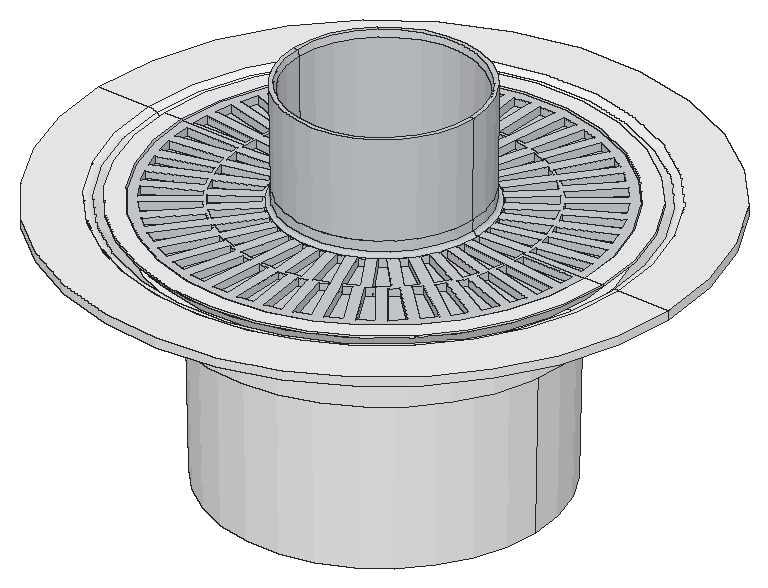
Revit family "3000.121 & 122 DPJ 80x150", category Plumbing Fixtures, Revit 2019
Family settings
  Round Connector Dimension = Use Diameter
  Part Type = Normal
  OmniClass Number = 23.45.00.00
  Work Plane-Based = No
  Always vertical = Yes
  Cut with Voids When Loaded = No
  Shared = No
  Room Calculation Point = No
Parameters (values of type "DPJ 80x150v")
  Waste Connection = yes
  Vent Connection = no
  V = not(NV)  # yes
  URL = "www.aquaknight.co.nz"
  Phone = "+6498322214"  # constant formula
  NV = no
  Model = "3000.121"
  Manufacturer = "Aquanight Industries Ltd"  # constant formula
  Inlet = 25.5 mm
  HW Connection = no
  Email = "info@aquaknight.co.nz"  # constant formula
  Description = "DownPipe Junction 80x150 vented"
  CW Connection = no
Types (2, lengths in mm): name | V | NV | Model | Inlet | Description
  DPJ 80x150v | yes | no | "3000.121" | 25.5 | "DownPipe Junction 80x150 vented"
  DPJ 80x150nv | no | yes | "3000.122" | 32 | "DownPipe Junction 80x150 non-vented"
Reference planes
  plane 1 "Center (Front/Back)": y = 0
  plane 2: z = 0
  plane 3 "Center (Left/Right)": x = 0
  plane 4: z = -82.169
  plane 5: z = 25.5
Forms (mm)
  Revolve 1, solid, material "Plastic, Glossy White"
    sketch origin (0, 0, -4) x (1, 0, 0) y (0, 0, 1)
      loop
        line (100.065, -12.627) -> (84.899, -12.627) -> (84.899, -34.638) -> (78.498, -34.638)
        arc (78.498, -34.638) -> (74.999, -36.066) -> (73.499, -39.535) r 5
        line (73.499, -39.535) -> (71.887, -117.73) -> (75.352, -117.73) -> (76.937, -41.191)
        arc (76.937, -41.191) -> (77.704, -39.405) -> (79.503, -38.669) r 2.566
        line (79.503, -38.669) -> (88.828, -38.669) -> (88.828, -19.345) -> (100.327, -19.345)
        arc (100.327, -19.345) -> (102.992, -18.242) -> (104.095, -15.577) r 3.768
        line (104.095, -15.577) -> (104.095, -11.777) -> (115.842, -0.031) -> (141.078, -0.031) -> (141.078, 4) -> (116.336, 4)
        arc (116.336, 4) -> (114.328, 3.584) -> (112.65, 2.404) r 5.052
        line (112.65, 2.404) -> (100.065, -10.108) -> (100.065, -12.627)
      loop
        line (84.5, -5) -> (100.5, -5) -> (108.637, 3.137) -> (108.637, 4) -> (100.25, 4) -> (100.25, -0.5) -> (84.5, -0.5) -> (84.5, -5)
      axis (0, 4) -> (0, -117.73)
    angle from 0 to 360
  Extrusion 2, solid, material "Plastic, Glossy White", detail levels fine
    sketch origin (0, 0, -4) x (1, 0, 0) y (0, 1, 0)
      loop
        circle (67.55, 0) r 8.2
      loop
        circle (33.775, 58.5) r 8.2
      loop
        circle (33.775, -58.5) r 8.2
      loop
        circle (-67.55, 0) r 8.2
      loop
        circle (-33.775, 58.5) r 8.2
      loop
        circle (-33.775, -58.5) r 8.2
    from -38.379 to -12.5
  Extrusion 3, void
    sketch origin (0, -279.02, 0) x (1, 0, 0) y (0, 1, 0)
      loop
        line (-35.682, 248.817) -> (-37.803, 251.544) -> (-56.114, 239.595)
        arc (-56.114, 239.595) -> (-53.947, 236.678) -> (-51.628, 233.88) r 68.579
        line (-51.628, 233.88) -> (-35.682, 248.817)
      loop
        line (-29.895, 243.08) -> (-32.457, 245.397) -> (-48.415, 230.45)
        arc (-48.415, 230.45) -> (-45.775, 227.953) -> (-43.005, 225.601) r 68.579
        line (-43.005, 225.601) -> (-29.895, 243.08)
      loop
        line (-23.2, 238.435) -> (-26.126, 240.272) -> (-39.246, 222.78)
        arc (-39.246, 222.78) -> (-36.212, 220.781) -> (-33.076, 218.944) r 68.579
        line (-33.076, 218.944) -> (-23.2, 238.435)
      loop
        line (-15.8, 235.022) -> (-19, 236.324) -> (-28.883, 216.82)
        arc (-28.883, 216.82) -> (-25.548, 215.377) -> (-22.141, 214.113) r 68.579
        line (-22.141, 214.113) -> (-15.8, 235.022)
      loop
        line (23.548, 238.636) -> (20.494, 237.02) -> (29.082, 216.913)
        arc (29.082, 216.913) -> (32.331, 218.54) -> (35.489, 220.338) r 68.579
        line (35.489, 220.338) -> (23.548, 238.636)
      loop
        line (30.203, 243.338) -> (27.476, 241.217) -> (39.425, 222.906)
        arc (39.425, 222.906) -> (42.342, 225.073) -> (45.14, 227.392) r 68.579
        line (45.14, 227.392) -> (30.203, 243.338)
      loop
        line (35.94, 249.125) -> (33.623, 246.563) -> (48.57, 230.605)
        arc (48.57, 230.605) -> (51.067, 233.245) -> (53.42, 236.015) r 68.579
        line (53.42, 236.015) -> (35.94, 249.125)
      loop
        line (40.586, 255.82) -> (38.748, 252.894) -> (56.24, 239.774)
        arc (56.24, 239.774) -> (58.239, 242.808) -> (60.076, 245.944) r 68.579
        line (60.076, 245.944) -> (40.586, 255.82)
      loop
        line (-7.92, 232.947) -> (-11.298, 233.673) -> (-17.644, 212.749)
        arc (-17.644, 212.749) -> (-14.109, 211.908) -> (-10.534, 211.255) r 68.579
        line (-10.534, 211.255) -> (-7.92, 232.947)
      loop
        line (0.201, 232.272) -> (-3.252, 232.4) -> (-5.868, 210.692)
        arc (-5.868, 210.692) -> (-2.24, 210.477) -> (1.393, 210.455) r 68.579
        line (1.393, 210.455) -> (0.201, 232.272)
      loop
        line (8.316, 233.017) -> (4.893, 232.544) -> (6.086, 210.711)
        arc (6.086, 210.711) -> (9.696, 211.13) -> (13.278, 211.739) r 68.579
        line (13.278, 211.739) -> (8.316, 233.017)
      loop
        line (16.178, 235.16) -> (12.889, 234.1) -> (17.855, 212.806)
        arc (17.855, 212.806) -> (21.338, 213.845) -> (24.76, 215.067) r 68.579
        line (24.76, 215.067) -> (16.178, 235.16)
      loop
        line (-8.316, 325.023) -> (-4.893, 325.496) -> (-6.086, 347.329)
        arc (-6.086, 347.329) -> (-9.696, 346.91) -> (-13.278, 346.302) r 68.579
        line (-13.278, 346.302) -> (-8.316, 325.023)
      loop
        line (-16.178, 322.88) -> (-12.889, 323.94) -> (-17.855, 345.234)
        arc (-17.855, 345.234) -> (-21.338, 344.195) -> (-24.76, 342.974) r 68.579
        line (-24.76, 342.974) -> (-16.178, 322.88)
      loop
        line (-23.548, 319.404) -> (-20.494, 321.02) -> (-29.082, 341.128)
        arc (-29.082, 341.128) -> (-32.331, 339.5) -> (-35.489, 337.702) r 68.579
        line (-35.489, 337.702) -> (-23.548, 319.404)
      loop
        line (-30.203, 314.702) -> (-27.476, 316.823) -> (-39.425, 335.134)
        arc (-39.425, 335.134) -> (-42.342, 332.967) -> (-45.14, 330.648) r 68.579
        line (-45.14, 330.648) -> (-30.203, 314.702)
      loop
        line (-46.748, 278.819) -> (-46.62, 282.272) -> (-68.328, 284.888)
        arc (-68.328, 284.888) -> (-68.543, 281.26) -> (-68.565, 277.627) r 68.579
        line (-68.565, 277.627) -> (-46.748, 278.819)
      loop
        line (-46.003, 270.704) -> (-46.476, 274.127) -> (-68.309, 272.934)
        arc (-68.309, 272.934) -> (-67.89, 269.324) -> (-67.281, 265.742) r 68.579
        line (-67.281, 265.742) -> (-46.003, 270.704)
      loop
        line (-43.86, 262.842) -> (-44.92, 266.131) -> (-66.214, 261.165)
        arc (-66.214, 261.165) -> (-65.175, 257.682) -> (-63.954, 254.26) r 68.579
        line (-63.954, 254.26) -> (-43.86, 262.842)
      loop
        line (-40.384, 255.472) -> (-42, 258.526) -> (-62.107, 249.938)
        arc (-62.107, 249.938) -> (-60.48, 246.689) -> (-58.682, 243.531) r 68.579
        line (-58.682, 243.531) -> (-40.384, 255.472)
      loop
        line (-35.94, 308.915) -> (-33.623, 311.478) -> (-48.57, 327.435)
        arc (-48.57, 327.435) -> (-51.067, 324.795) -> (-53.42, 322.025) r 68.579
        line (-53.42, 322.025) -> (-35.94, 308.915)
      loop
        line (-40.586, 302.22) -> (-38.748, 305.146) -> (-56.24, 318.266)
        arc (-56.24, 318.266) -> (-58.239, 315.232) -> (-60.076, 312.096) r 68.579
        line (-60.076, 312.096) -> (-40.586, 302.22)
      loop
        line (-43.998, 294.82) -> (-42.696, 298.02) -> (-62.2, 307.903)
        arc (-62.2, 307.903) -> (-63.643, 304.568) -> (-64.907, 301.161) r 68.579
        line (-64.907, 301.161) -> (-43.998, 294.82)
      loop
        line (-46.073, 286.94) -> (-45.347, 290.318) -> (-66.271, 296.664)
        arc (-66.271, 296.664) -> (-67.112, 293.129) -> (-67.765, 289.554) r 68.579
        line (-67.765, 289.554) -> (-46.073, 286.94)
      loop
        line (46.073, 271.1) -> (45.347, 267.722) -> (66.271, 261.376)
        arc (66.271, 261.376) -> (67.112, 264.911) -> (67.765, 268.486) r 68.579
        line (67.765, 268.486) -> (46.073, 271.1)
      loop
        line (46.748, 279.221) -> (46.62, 275.768) -> (68.328, 273.152)
        arc (68.328, 273.152) -> (68.543, 276.78) -> (68.565, 280.413) r 68.579
        line (68.565, 280.413) -> (46.748, 279.221)
      loop
        line (46.003, 287.336) -> (46.476, 283.913) -> (68.309, 285.106)
        arc (68.309, 285.106) -> (67.89, 288.716) -> (67.281, 292.298) r 68.579
        line (67.281, 292.298) -> (46.003, 287.336)
      loop
        line (43.86, 295.198) -> (44.92, 291.909) -> (66.214, 296.876)
        arc (66.214, 296.876) -> (65.175, 300.358) -> (63.954, 303.78) r 68.579
        line (63.954, 303.78) -> (43.86, 295.198)
      loop
        line (15.8, 323.018) -> (19, 321.716) -> (28.883, 341.22)
        arc (28.883, 341.22) -> (25.548, 342.663) -> (22.141, 343.927) r 68.579
        line (22.141, 343.927) -> (15.8, 323.018)
      loop
        line (7.92, 325.093) -> (11.298, 324.367) -> (17.644, 345.291)
        arc (17.644, 345.291) -> (14.109, 346.132) -> (10.534, 346.785) r 68.579
        line (10.534, 346.785) -> (7.92, 325.093)
      loop
        line (-0.201, 325.768) -> (3.252, 325.64) -> (5.868, 347.348)
        arc (5.868, 347.348) -> (2.24, 347.563) -> (-1.393, 347.585) r 68.579
        line (-1.393, 347.585) -> (-0.201, 325.768)
      loop
        line (40.384, 302.568) -> (42, 299.514) -> (62.107, 308.102)
        arc (62.107, 308.102) -> (60.48, 311.351) -> (58.682, 314.509) r 68.579
        line (58.682, 314.509) -> (40.384, 302.568)
      loop
        line (35.682, 309.223) -> (37.803, 306.496) -> (56.114, 318.445)
        arc (56.114, 318.445) -> (53.947, 321.362) -> (51.628, 324.16) r 68.579
        line (51.628, 324.16) -> (35.682, 309.223)
      loop
        line (29.895, 314.96) -> (32.457, 312.643) -> (48.415, 327.59)
        arc (48.415, 327.59) -> (45.775, 330.087) -> (43.005, 332.44) r 68.579
        line (43.005, 332.44) -> (29.895, 314.96)
      loop
        line (23.2, 319.606) -> (26.126, 317.768) -> (39.246, 335.26)
        arc (39.246, 335.26) -> (36.212, 337.259) -> (33.076, 339.096) r 68.579
        line (33.076, 339.096) -> (23.2, 319.606)
      loop
        arc (62.2, 250.137) -> (63.643, 253.472) -> (64.907, 256.879) r 68.579
        line (64.907, 256.879) -> (43.998, 263.22) -> (42.696, 260.02) -> (62.2, 250.137)
    from -4 to 0
  Revolve 4, solid, visible <- "V"
    sketch origin (0, 0, 0) x (1, 0, 0) y (0, 0, 1)
      loop
        line (41.988, 48.223) -> (41.365, 0.577)
        arc (41.365, 0.577) -> (41.231, -0.061) -> (40.868, -0.601) r 1.698
        line (40.868, -0.601) -> (37.833, -3.636) -> (37.534, -7.06) -> (37.62, -8.048) -> (39.046, -8.048) -> (41.899, -4.5) -> (99.5, -4.5) -> (99.5, -0.5) -> (46.254, -0.5)
        arc (46.254, -0.5) -> (44.843, 0.07) -> (44.224, 1.46) r 2.031
        line (44.224, 1.46) -> (44.034, 5.895) -> (44.628, 51.208) -> (42.83, 51.208) -> (41.988, 48.223)
      axis (0, 51.208) -> (0, -8.048)
    angle from 0 to 360
  Revolve 5, solid, material "Stainless Steel", visible <- "NV"
    sketch origin (0, 0, 0) x (1, 0, 0) y (0, 0, 1)
      loop
        line (-41.999, 53.513) -> (-42.601, 55.647) -> (-44.655, 55.647) -> (-44.064, 10.531) -> (-44.228, 5.83)
        arc (-44.228, 5.83) -> (-44.838, 4.461) -> (-46.227, 3.9) r 2
        line (-46.227, 3.9) -> (-108.5, 3.9) -> (-108.5, 0) -> (-41.905, 0) -> (-38.828, -3.54) -> (-37.833, -3.54) -> (-37.833, 0.864) -> (-41.356, 4.387) -> (-41.999, 53.513)
      axis (0, 55.647) -> (0, -3.54)
    angle from 0 to 360
  Extrusion 6, void
    sketch origin (-225, -279.02, 0) x (1, 0, 0) y (0, 1, 0)
      loop
        arc (208.456, 346.887) -> (210.622, 347.379) -> (212.803, 347.801) r 69.854
        line (212.803, 347.801) -> (209.225, 372.853)
        arc (209.225, 372.853) -> (205.416, 372.133) -> (201.639, 371.258) r 95.15
        line (201.639, 371.258) -> (208.456, 346.887)
      loop
        arc (199.739, 344.147) -> (201.823, 344.917) -> (203.93, 345.621) r 69.854
        line (203.93, 345.621) -> (197.112, 369.992)
        arc (197.112, 369.992) -> (193.43, 368.78) -> (189.799, 367.419) r 95.15
        line (189.799, 367.419) -> (199.739, 344.147)
      loop
        arc (191.454, 340.292) -> (193.42, 341.328) -> (195.417, 342.301) r 69.854
        line (195.417, 342.301) -> (185.477, 365.573)
        arc (185.477, 365.573) -> (181.984, 363.891) -> (178.562, 362.068) r 95.15
        line (178.562, 362.068) -> (191.454, 340.292)
      loop
        arc (183.744, 335.39) -> (185.557, 336.673) -> (187.41, 337.898) r 69.854
        line (187.41, 337.898) -> (174.518, 359.674)
        arc (174.518, 359.674) -> (171.274, 357.55) -> (168.119, 355.296) r 95.15
        line (168.119, 355.296) -> (183.744, 335.39)
      loop
        arc (176.739, 329.522) -> (178.369, 331.031) -> (180.047, 332.488) r 69.854
        line (180.047, 332.488) -> (164.422, 352.395)
        arc (164.422, 352.395) -> (161.483, 349.866) -> (158.65, 347.219) r 95.15
        line (158.65, 347.219) -> (176.739, 329.522)
      loop
        arc (170.56, 322.791) -> (171.979, 324.5) -> (173.452, 326.163) r 69.854
        line (173.452, 326.163) -> (155.363, 343.86)
        arc (155.363, 343.86) -> (152.779, 340.969) -> (150.315, 337.976) r 95.15
        line (150.315, 337.976) -> (170.56, 322.791)
      loop
        arc (165.312, 315.311) -> (166.497, 317.19) -> (167.74, 319.031) r 69.854
        line (167.74, 319.031) -> (147.495, 334.216)
        arc (147.495, 334.216) -> (145.311, 331.012) -> (143.259, 327.723) r 95.15
        line (143.259, 327.723) -> (165.312, 315.311)
      loop
        arc (161.086, 307.209) -> (162.015, 309.227) -> (163.007, 311.215) r 69.854
        line (163.007, 311.215) -> (140.954, 323.627)
        arc (140.954, 323.627) -> (139.206, 320.166) -> (137.601, 316.637) r 95.15
        line (137.601, 316.637) -> (161.086, 307.209)
      loop
        arc (157.954, 298.626) -> (158.611, 300.748) -> (159.335, 302.848) r 69.854
        line (159.335, 302.848) -> (135.851, 312.275)
        arc (135.851, 312.275) -> (134.57, 308.616) -> (133.439, 304.907) r 95.15
        line (133.439, 304.907) -> (157.954, 298.626)
      loop
        arc (155.968, 289.707) -> (156.343, 291.896) -> (156.787, 294.073) r 69.854
        line (156.787, 294.073) -> (132.273, 300.354)
        arc (132.273, 300.354) -> (131.48, 296.559) -> (130.844, 292.735) r 95.15
        line (130.844, 292.735) -> (155.968, 289.707)
      loop
        arc (155.164, 280.605) -> (155.25, 282.825) -> (155.406, 285.041) r 69.854
        line (155.406, 285.041) -> (130.281, 288.069)
        arc (130.281, 288.069) -> (129.991, 284.202) -> (129.859, 280.327) r 95.15
        line (129.859, 280.327) -> (155.164, 280.605)
      loop
        arc (155.554, 271.476) -> (155.35, 273.688) -> (155.215, 275.905) r 69.854
        line (155.215, 275.905) -> (129.91, 275.628)
        arc (129.91, 275.628) -> (130.128, 271.757) -> (130.502, 267.898) r 95.15
        line (130.502, 267.898) -> (155.554, 271.476)
      loop
        arc (157.133, 262.476) -> (156.642, 264.642) -> (156.219, 266.823) r 69.854
        line (156.219, 266.823) -> (131.167, 263.245)
        arc (131.167, 263.245) -> (131.887, 259.436) -> (132.762, 255.659) r 95.15
        line (132.762, 255.659) -> (157.133, 262.476)
      loop
        arc (159.873, 253.759) -> (159.103, 255.843) -> (158.399, 257.95) r 69.854
        line (158.399, 257.95) -> (134.029, 251.132)
        arc (134.029, 251.132) -> (135.24, 247.45) -> (136.601, 243.819) r 95.15
        line (136.601, 243.819) -> (159.873, 253.759)
      loop
        arc (163.728, 245.474) -> (162.692, 247.44) -> (161.719, 249.437) r 69.854
        line (161.719, 249.437) -> (138.447, 239.497)
        arc (138.447, 239.497) -> (140.129, 236.004) -> (141.952, 232.582) r 95.15
        line (141.952, 232.582) -> (163.728, 245.474)
      loop
        arc (168.631, 237.764) -> (167.347, 239.577) -> (166.122, 241.43) r 69.854
        line (166.122, 241.43) -> (144.346, 228.538)
        arc (144.346, 228.538) -> (146.47, 225.294) -> (148.724, 222.139) r 95.15
        line (148.724, 222.139) -> (168.631, 237.764)
      loop
        arc (174.498, 230.759) -> (172.989, 232.389) -> (171.532, 234.067) r 69.854
        line (171.532, 234.067) -> (151.625, 218.442)
        arc (151.625, 218.442) -> (154.154, 215.503) -> (156.801, 212.67) r 95.15
        line (156.801, 212.67) -> (174.498, 230.759)
      loop
        arc (181.229, 224.58) -> (179.52, 225.999) -> (177.857, 227.472) r 69.854
        line (177.857, 227.472) -> (160.16, 209.383)
        arc (160.16, 209.383) -> (163.051, 206.799) -> (166.045, 204.335) r 95.15
        line (166.045, 204.335) -> (181.229, 224.58)
      loop
        arc (188.709, 219.333) -> (186.83, 220.517) -> (184.989, 221.76) r 69.854
        line (184.989, 221.76) -> (169.804, 201.515)
        arc (169.804, 201.515) -> (173.008, 199.331) -> (176.297, 197.279) r 95.15
        line (176.297, 197.279) -> (188.709, 219.333)
      loop
        arc (196.811, 215.106) -> (194.793, 216.035) -> (192.805, 217.027) r 69.854
        line (192.805, 217.027) -> (180.393, 194.974)
        arc (180.393, 194.974) -> (183.854, 193.227) -> (187.383, 191.622) r 95.15
        line (187.383, 191.622) -> (196.811, 215.106)
      loop
        arc (205.394, 211.974) -> (203.272, 212.631) -> (201.172, 213.355) r 69.854
        line (201.172, 213.355) -> (191.745, 189.871)
        arc (191.745, 189.871) -> (195.404, 188.59) -> (199.113, 187.459) r 95.15
        line (199.113, 187.459) -> (205.394, 211.974)
      loop
        arc (214.313, 209.988) -> (212.124, 210.363) -> (209.947, 210.807) r 69.854
        line (209.947, 210.807) -> (203.666, 186.293)
        arc (203.666, 186.293) -> (207.461, 185.5) -> (211.285, 184.864) r 95.15
        line (211.285, 184.864) -> (214.313, 209.988)
      loop
        arc (223.415, 209.184) -> (221.195, 209.27) -> (218.979, 209.426) r 69.854
        line (218.979, 209.426) -> (215.951, 184.301)
        arc (215.951, 184.301) -> (219.818, 184.011) -> (223.693, 183.879) r 95.15
        line (223.693, 183.879) -> (223.415, 209.184)
      loop
        arc (232.544, 209.574) -> (230.332, 209.37) -> (228.115, 209.235) r 69.854
        line (228.115, 209.235) -> (228.392, 183.93)
        arc (228.392, 183.93) -> (232.263, 184.148) -> (236.122, 184.522) r 95.15
        line (236.122, 184.522) -> (232.544, 209.574)
      loop
        arc (241.544, 211.153) -> (239.378, 210.662) -> (237.197, 210.239) r 69.854
        line (237.197, 210.239) -> (240.775, 185.187)
        arc (240.775, 185.187) -> (244.584, 185.907) -> (248.361, 186.782) r 95.15
        line (248.361, 186.782) -> (241.544, 211.153)
      loop
        arc (250.261, 213.893) -> (248.177, 213.123) -> (246.07, 212.419) r 69.854
        line (246.07, 212.419) -> (252.888, 188.049)
        arc (252.888, 188.049) -> (256.57, 189.26) -> (260.201, 190.621) r 95.15
        line (260.201, 190.621) -> (250.261, 213.893)
      loop
        arc (258.546, 217.748) -> (256.58, 216.712) -> (254.583, 215.739) r 69.854
        line (254.583, 215.739) -> (264.523, 192.467)
        arc (264.523, 192.467) -> (268.016, 194.149) -> (271.438, 195.972) r 95.15
        line (271.438, 195.972) -> (258.546, 217.748)
      loop
        arc (266.256, 222.651) -> (264.443, 221.367) -> (262.59, 220.142) r 69.854
        line (262.59, 220.142) -> (275.482, 198.366)
        arc (275.482, 198.366) -> (278.726, 200.49) -> (281.881, 202.744) r 95.15
        line (281.881, 202.744) -> (266.256, 222.651)
      loop
        arc (273.261, 228.518) -> (271.631, 227.009) -> (269.953, 225.552) r 69.854
        line (269.953, 225.552) -> (285.578, 205.645)
        arc (285.578, 205.645) -> (288.517, 208.174) -> (291.35, 210.821) r 95.15
        line (291.35, 210.821) -> (273.261, 228.518)
      loop
        arc (279.44, 235.249) -> (278.021, 233.54) -> (276.548, 231.877) r 69.854
        line (276.548, 231.877) -> (294.637, 214.18)
        arc (294.637, 214.18) -> (297.221, 217.071) -> (299.685, 220.065) r 95.15
        line (299.685, 220.065) -> (279.44, 235.249)
      loop
        arc (284.688, 242.73) -> (283.503, 240.85) -> (282.26, 239.009) r 69.854
        line (282.26, 239.009) -> (302.505, 223.824)
        arc (302.505, 223.824) -> (304.689, 227.028) -> (306.741, 230.317) r 95.15
        line (306.741, 230.317) -> (284.688, 242.73)
      loop
        arc (288.914, 250.831) -> (287.985, 248.813) -> (286.993, 246.825) r 69.854
        line (286.993, 246.825) -> (309.046, 234.413)
        arc (309.046, 234.413) -> (310.794, 237.874) -> (312.399, 241.403) r 95.15
        line (312.399, 241.403) -> (288.914, 250.831)
      loop
        arc (275.502, 327.281) -> (277.011, 325.651) -> (278.468, 323.973) r 69.854
        line (278.468, 323.973) -> (298.375, 339.598)
        arc (298.375, 339.598) -> (295.846, 342.537) -> (293.199, 345.37) r 95.15
        line (293.199, 345.37) -> (275.502, 327.281)
      loop
        arc (268.771, 333.46) -> (270.48, 332.041) -> (272.143, 330.568) r 69.854
        line (272.143, 330.568) -> (289.84, 348.657)
        arc (289.84, 348.657) -> (286.949, 351.241) -> (283.955, 353.705) r 95.15
        line (283.955, 353.705) -> (268.771, 333.46)
      loop
        arc (261.291, 338.708) -> (263.17, 337.523) -> (265.011, 336.28) r 69.854
        line (265.011, 336.28) -> (280.196, 356.525)
        arc (280.196, 356.525) -> (276.992, 358.709) -> (273.703, 360.761) r 95.15
        line (273.703, 360.761) -> (261.291, 338.708)
      loop
        arc (253.189, 342.934) -> (255.207, 342.005) -> (257.195, 341.013) r 69.854
        line (257.195, 341.013) -> (269.607, 363.066)
        arc (269.607, 363.066) -> (266.146, 364.814) -> (262.617, 366.419) r 95.15
        line (262.617, 366.419) -> (253.189, 342.934)
      loop
        arc (244.606, 346.066) -> (246.728, 345.409) -> (248.828, 344.685) r 69.854
        line (248.828, 344.685) -> (258.255, 368.169)
        arc (258.255, 368.169) -> (254.596, 369.45) -> (250.887, 370.581) r 95.15
        line (250.887, 370.581) -> (244.606, 346.066)
      loop
        arc (235.687, 348.052) -> (237.876, 347.677) -> (240.053, 347.233) r 69.854
        line (240.053, 347.233) -> (246.334, 371.747)
        arc (246.334, 371.747) -> (242.539, 372.54) -> (238.715, 373.177) r 95.15
        line (238.715, 373.177) -> (235.687, 348.052)
      loop
        arc (226.585, 348.856) -> (228.805, 348.77) -> (231.021, 348.614) r 69.854
        line (231.021, 348.614) -> (234.049, 373.739)
        arc (234.049, 373.739) -> (230.182, 374.029) -> (226.307, 374.161) r 95.15
        line (226.307, 374.161) -> (226.585, 348.856)
      loop
        arc (217.456, 348.466) -> (219.668, 348.67) -> (221.885, 348.805) r 69.854
        line (221.885, 348.805) -> (221.608, 374.11)
        arc (221.608, 374.11) -> (217.737, 373.892) -> (213.878, 373.518) r 95.15
        line (213.878, 373.518) -> (217.456, 348.466)
      loop
        arc (292.046, 259.414) -> (291.389, 257.292) -> (290.665, 255.192) r 69.854
        line (290.665, 255.192) -> (314.149, 245.765)
        arc (314.149, 245.765) -> (315.43, 249.424) -> (316.561, 253.133) r 95.15
        line (316.561, 253.133) -> (292.046, 259.414)
      loop
        arc (294.032, 268.333) -> (293.657, 266.144) -> (293.213, 263.967) r 69.854
        line (293.213, 263.967) -> (317.727, 257.686)
        arc (317.727, 257.686) -> (318.52, 261.481) -> (319.156, 265.305) r 95.15
        line (319.156, 265.305) -> (294.032, 268.333)
      loop
        arc (294.836, 277.435) -> (294.75, 275.215) -> (294.594, 273) r 69.854
        line (294.594, 273) -> (319.719, 269.972)
        arc (319.719, 269.972) -> (320.009, 273.838) -> (320.141, 277.713) r 95.15
        line (320.141, 277.713) -> (294.836, 277.435)
      loop
        arc (294.446, 286.564) -> (294.65, 284.352) -> (294.785, 282.135) r 69.854
        line (294.785, 282.135) -> (320.09, 282.412)
        arc (320.09, 282.412) -> (319.872, 286.283) -> (319.498, 290.142) r 95.15
        line (319.498, 290.142) -> (294.446, 286.564)
      loop
        arc (292.867, 295.564) -> (293.358, 293.398) -> (293.781, 291.217) r 69.854
        line (293.781, 291.217) -> (318.833, 294.795)
        arc (318.833, 294.795) -> (318.113, 298.604) -> (317.238, 302.381) r 95.15
        line (317.238, 302.381) -> (292.867, 295.564)
      loop
        arc (290.127, 304.281) -> (290.897, 302.197) -> (291.601, 300.09) r 69.854
        line (291.601, 300.09) -> (315.971, 306.908)
        arc (315.971, 306.908) -> (314.76, 310.591) -> (313.399, 314.221) r 95.15
        line (313.399, 314.221) -> (290.127, 304.281)
      loop
        arc (286.272, 312.566) -> (287.308, 310.6) -> (288.281, 308.603) r 69.854
        line (288.281, 308.603) -> (311.553, 318.543)
        arc (311.553, 318.543) -> (309.871, 322.036) -> (308.048, 325.458) r 95.15
        line (308.048, 325.458) -> (286.272, 312.566)
      loop
        arc (281.369, 320.276) -> (282.653, 318.463) -> (283.878, 316.61) r 69.854
        line (283.878, 316.61) -> (305.654, 329.503)
        arc (305.654, 329.503) -> (303.53, 332.746) -> (301.276, 335.901) r 95.15
        line (301.276, 335.901) -> (281.369, 320.276)
    from -4 to 0
Cuts and joins
  Extrusion 3, Extrusion 6 cuts Revolve 4
  Extrusion 6 cuts Revolve 5
Lines and regions (mm)
  Masking region 1
    outline origin (0, 0, 0) x (1, 0, 0) y (0, 1, 0)
      loop
        circle (0, 0) r 141.078
  symbolic lines, style "PlumbingFixtures", detail levels fine
    curve 1: circle (0, 132.524, 0) r 4.294 normal (0, 0, 1)
    curve 2: circle (-93.709, 93.709, 0) r 4.294 normal (0, 0, 1)
    curve 3: circle (-132.524, 0, 0) r 4.294 normal (0, 0, 1)
    curve 4: circle (-93.709, -93.709, 0) r 4.294 normal (0, 0, 1)
    curve 5: circle (0, -132.524, 0) r 4.294 normal (0, 0, 1)
    curve 6: circle (93.709, -93.709, 0) r 4.294 normal (0, 0, 1)
    curve 7: circle (132.524, 0, 0) r 4.294 normal (0, 0, 1)
    curve 8: circle (93.709, 93.709, 0) r 4.294 normal (0, 0, 1)
  symbolic lines
    curve 9: circle (0, 0, 0) r 40 normal (0, 0, 1)
    curve 12: circle (0, 0, 0) r 112.65 normal (0, 0, 1)
  symbolic lines, visible <- "V"
    curve 10: circle (0, 0, 0) r 47.691 normal (0, 0, 1)
    curve 11: circle (0, 0, 0) r 95.15 normal (0, 0, 1)
Dimensions and locks
  locked: connector elem to plane 1 "Center (Front/Back)" at 0
  locked: connector elem to plane 3 "Center (Left/Right)" at 0
  "Inlet": plane 5 to level
  cut or joined group of Revolve 5, Extrusion 6 to level = 55.647 mm
  aligned and locked: level to plane 2
  aligned and locked: Revolve 4 sketch curve to plane 3 "Center (Left/Right)"
  aligned and locked: Revolve 5 sketch curve to plane 3 "Center (Left/Right)"
Automatic sketch dimensions
  Revolve 1 sketch curve to plane 3 "Center (Left/Right)" = 0 mm
  Revolve 1 sketch curve to level = 0 mm  (x2)
  Revolve 1 sketch curve to plane 4 = 39.561 mm
  plane 3 "Center (Left/Right)" to Revolve 1 sketch curve = 71.887 mm
  plane 3 "Center (Left/Right)" to Revolve 1 sketch curve = 73.499 mm
  Revolve 1 sketch curve to Revolve 1 sketch curve = 3.466 mm
  Revolve 1 sketch curve to Revolve 1 sketch curve = 3.439 mm
  Revolve 1 sketch curve to Revolve 1 sketch curve = 1.561 mm
  Revolve 1 sketch curve to Revolve 1 sketch curve = 1.005 mm
  Revolve 1 sketch curve to level = 4.5 mm
  Revolve 1 sketch curve to Revolve 1 sketch curve = 6.002 mm
  Revolve 1 sketch curve to Revolve 1 sketch curve = 6.401 mm
  Revolve 1 sketch curve to Revolve 1 sketch curve = 3.929 mm
  Revolve 1 sketch curve to Revolve 1 sketch curve = 11.237 mm
  Revolve 1 sketch curve to Revolve 1 sketch curve = 0.185 mm
  Revolve 1 sketch curve to Revolve 1 sketch curve = 0.263 mm
  Revolve 1 sketch curve to Revolve 1 sketch curve = 0.25 mm
  Revolve 1 sketch curve to Revolve 1 sketch curve = 4.031 mm
  Revolve 1 sketch curve to level = 0.863 mm
  Revolve 1 sketch curve to Revolve 1 sketch curve = 8.387 mm
  Revolve 1 sketch curve to level = 1.596 mm
  Revolve 1 sketch curve to Revolve 1 sketch curve = 4.013 mm
  Revolve 1 sketch curve to Revolve 1 sketch curve = 3.192 mm
  Revolve 1 sketch curve to Revolve 1 sketch curve = 0.494 mm
  Revolve 1 sketch curve to level = 4.031 mm
  Revolve 1 sketch curve to Revolve 1 sketch curve = 24.742 mm
  Revolve 1 sketch curve to Revolve 1 sketch curve = 40.735 mm
  Revolve 1 sketch curve to Revolve 1 sketch curve = 0.044 mm
  Revolve 1 sketch curve to Revolve 1 sketch curve = 0.969 mm
  Revolve 1 sketch curve to Revolve 1 sketch curve = 18.845 mm
  Revolve 1 sketch curve to Revolve 1 sketch curve = 6.718 mm
  Revolve 1 sketch curve to Revolve 1 sketch curve = 3.8 mm
  Revolve 1 sketch curve to Revolve 1 sketch curve = 2.519 mm
  Revolve 1 sketch curve to Revolve 1 sketch curve = 4.5 mm
  Revolve 1 sketch curve to Revolve 1 sketch curve = 322.37 mm
  level to Revolve 1 sketch curve = 2441.244 mm
  plane 1 "Center (Front/Back)" to Extrusion 2 sketch curve = 0 mm  (x2)
  Extrusion 2 sketch curve to plane 3 "Center (Left/Right)" = 67.55 mm
  Extrusion 2 sketch curve to plane 3 "Center (Left/Right)" = 33.775 mm  (x2)
  plane 3 "Center (Left/Right)" to Extrusion 2 sketch curve = 33.775 mm  (x2)
  Extrusion 2 sketch curve to Extrusion 2 sketch curve = 33.775 mm
  plane 1 "Center (Front/Back)" to Extrusion 2 sketch curve = 58.5 mm  (x2)
  Extrusion 2 sketch curve to plane 1 "Center (Front/Back)" = 58.5 mm  (x2)
  Revolve 4 sketch curve to level = 7.06 mm
  plane 3 "Center (Left/Right)" to Revolve 4 sketch curve = 37.534 mm
  Revolve 4 sketch curve to Revolve 4 sketch curve = 0.086 mm
  Revolve 4 sketch curve to level = 3.636 mm
  Revolve 4 sketch curve to Revolve 4 sketch curve = 0.3 mm
  Revolve 4 sketch curve to level = 8.048 mm
  Revolve 4 sketch curve to Revolve 4 sketch curve = 1.426 mm
  level to Revolve 4 sketch curve = 0.599 mm
  Revolve 4 sketch curve to Revolve 4 sketch curve = 1.834 mm
  Revolve 4 sketch curve to level = 0.601 mm
  Revolve 4 sketch curve to Revolve 4 sketch curve = 1.2 mm
  level to Revolve 4 sketch curve = 0.577 mm
  Revolve 4 sketch curve to Revolve 4 sketch curve = 1.031 mm
  plane 3 "Center (Left/Right)" to Revolve 4 sketch curve = 41.988 mm
  Revolve 4 sketch curve to Revolve 4 sketch curve = 0.842 mm
  level to Revolve 4 sketch curve = 1.46 mm
  Revolve 4 sketch curve to Revolve 4 sketch curve = 2.859 mm
  Revolve 4 sketch curve to Revolve 4 sketch curve = 1.797 mm
  Revolve 4 sketch curve to Revolve 4 sketch curve = 2.03 mm
  Revolve 4 sketch curve to level = 0.5 mm
  Revolve 4 sketch curve to Revolve 4 sketch curve = 53.246 mm
  Revolve 4 sketch curve to Revolve 4 sketch curve = 3.899 mm
  Revolve 4 sketch curve to Revolve 4 sketch curve = 46.763 mm
  Revolve 4 sketch curve to Revolve 4 sketch curve = 2.985 mm
  level to Revolve 4 sketch curve = 5.895 mm
  Revolve 4 sketch curve to Revolve 4 sketch curve = 0.189 mm
  level to Revolve 4 sketch curve = 5.9 mm
  Revolve 4 sketch curve to plane 4 = 357.931 mm
  Revolve 4 sketch curve to Revolve 4 sketch curve = 2394.036 mm
  Extrusion 6 sketch curve to Extrusion 6 sketch curve = 0 mm  (x9120)
  plane 1 "Center (Front/Back)" to Extrusion 6 sketch curve = 0 mm
  Extrusion 6 sketch curve to plane 3 "Center (Left/Right)" = 0 mm
  Extrusion 6 sketch curve to plane 3 "Center (Left/Right)" = 1.307 mm
  Extrusion 6 sketch curve to plane 3 "Center (Left/Right)" = 1.585 mm
  Extrusion 6 sketch curve to plane 3 "Center (Left/Right)" = 3.115 mm
  Extrusion 6 sketch curve to plane 3 "Center (Left/Right)" = 3.392 mm
  Extrusion 6 sketch curve to Extrusion 6 sketch curve = 4.436 mm  (x2)
  Extrusion 6 sketch curve to Extrusion 6 sketch curve = 4.429 mm  (x2)
  Extrusion 6 sketch curve to Extrusion 6 sketch curve = 7.741 mm  (x2)
  Extrusion 6 sketch curve to Extrusion 6 sketch curve = 4.666 mm  (x4)
  Extrusion 6 sketch curve to Extrusion 6 sketch curve = 7.73 mm  (x2)
  Extrusion 6 sketch curve to Extrusion 6 sketch curve = 4.653 mm  (x4)
  Extrusion 6 sketch curve to Extrusion 6 sketch curve = 4.366 mm  (x2)
  Extrusion 6 sketch curve to Extrusion 6 sketch curve = 4.347 mm  (x2)
  Extrusion 6 sketch curve to Extrusion 6 sketch curve = 4.553 mm  (x4)
  Extrusion 6 sketch curve to Extrusion 6 sketch curve = 4.526 mm  (x4)
  Extrusion 6 sketch curve to Extrusion 6 sketch curve = 7.62 mm  (x2)
  Extrusion 6 sketch curve to Extrusion 6 sketch curve = 7.587 mm  (x2)
  Extrusion 6 sketch curve to Extrusion 6 sketch curve = 4.222 mm  (x2)
  Extrusion 6 sketch curve to Extrusion 6 sketch curve = 4.191 mm  (x2)
  Extrusion 6 sketch curve to Extrusion 6 sketch curve = 4.362 mm  (x4)
  Extrusion 6 sketch curve to Extrusion 6 sketch curve = 4.322 mm  (x4)
  Extrusion 6 sketch curve to Extrusion 6 sketch curve = 4.006 mm  (x2)
  Extrusion 6 sketch curve to Extrusion 6 sketch curve = 7.368 mm  (x2)
  Extrusion 6 sketch curve to Extrusion 6 sketch curve = 3.962 mm  (x2)
  Extrusion 6 sketch curve to Extrusion 6 sketch curve = 7.313 mm  (x2)
  Extrusion 6 sketch curve to Extrusion 6 sketch curve = 4.096 mm  (x4)
  Extrusion 6 sketch curve to Extrusion 6 sketch curve = 4.044 mm  (x6)
  Extrusion 6 sketch curve to Extrusion 6 sketch curve = 3.72 mm  (x2)
  Extrusion 6 sketch curve to Extrusion 6 sketch curve = 3.666 mm  (x2)
  Extrusion 6 sketch curve to Extrusion 6 sketch curve = 3.76 mm  (x7)
  Extrusion 6 sketch curve to Extrusion 6 sketch curve = 6.99 mm  (x2)
  Extrusion 6 sketch curve to Extrusion 6 sketch curve = 3.697 mm  (x8)
  Extrusion 6 sketch curve to Extrusion 6 sketch curve = 6.915 mm  (x2)
  Extrusion 6 sketch curve to Extrusion 6 sketch curve = 3.372 mm  (x2)
  Extrusion 6 sketch curve to Extrusion 6 sketch curve = 3.308 mm  (x2)
  Extrusion 6 sketch curve to Extrusion 6 sketch curve = 3.36 mm  (x8)
  Extrusion 6 sketch curve to Extrusion 6 sketch curve = 3.287 mm  (x8)
  Extrusion 6 sketch curve to Extrusion 6 sketch curve = 2.965 mm  (x2)
  Extrusion 6 sketch curve to Extrusion 6 sketch curve = 2.892 mm  (x2)
  Extrusion 6 sketch curve to Extrusion 6 sketch curve = 6.493 mm  (x2)
  Extrusion 6 sketch curve to Extrusion 6 sketch curve = 2.902 mm  (x8)
  Extrusion 6 sketch curve to Extrusion 6 sketch curve = 6.398 mm  (x2)
  Extrusion 6 sketch curve to Extrusion 6 sketch curve = 2.82 mm  (x8)
  Extrusion 6 sketch curve to Extrusion 6 sketch curve = 2.508 mm  (x2)
  Extrusion 6 sketch curve to plane 1 "Center (Front/Back)" = 36.291 mm
  Extrusion 6 sketch curve to Extrusion 6 sketch curve = 2.427 mm  (x2)
  Extrusion 6 sketch curve to Extrusion 6 sketch curve = 2.394 mm  (x8)
  Extrusion 6 sketch curve to Extrusion 6 sketch curve = 2.305 mm  (x8)
  plane 1 "Center (Front/Back)" to Extrusion 6 sketch curve = 29.583 mm
  Extrusion 6 sketch curve to Extrusion 6 sketch curve = 2.008 mm  (x2)
  Extrusion 6 sketch curve to plane 1 "Center (Front/Back)" = 28.189 mm
  Extrusion 6 sketch curve to Extrusion 6 sketch curve = 1.921 mm  (x2)
  Extrusion 6 sketch curve to Extrusion 6 sketch curve = 5.884 mm  (x2)
  plane 1 "Center (Front/Back)" to Extrusion 6 sketch curve = 25.261 mm
  Extrusion 6 sketch curve to Extrusion 6 sketch curve = 1.846 mm  (x8)
  Extrusion 6 sketch curve to plane 1 "Center (Front/Back)" = 23.828 mm
  Extrusion 6 sketch curve to Extrusion 6 sketch curve = 1.751 mm  (x8)
  Extrusion 6 sketch curve to Extrusion 6 sketch curve = 5.772 mm  (x2)
  plane 1 "Center (Front/Back)" to Extrusion 6 sketch curve = 21.07 mm
  Extrusion 6 sketch curve to plane 1 "Center (Front/Back)" = 19.606 mm
  plane 1 "Center (Front/Back)" to Extrusion 6 sketch curve = 16.544 mm
  Extrusion 6 sketch curve to Extrusion 6 sketch curve = 1.266 mm  (x8)
  Extrusion 6 sketch curve to plane 1 "Center (Front/Back)" = 15.053 mm
  Extrusion 6 sketch curve to Extrusion 6 sketch curve = 1.167 mm  (x8)
  plane 1 "Center (Front/Back)" to Extrusion 6 sketch curve = 12.197 mm
  Extrusion 6 sketch curve to plane 1 "Center (Front/Back)" = 10.687 mm
  plane 1 "Center (Front/Back)" to Extrusion 6 sketch curve = 7.544 mm
  Extrusion 6 sketch curve to Extrusion 6 sketch curve = 0.664 mm  (x8)
  Extrusion 6 sketch curve to plane 1 "Center (Front/Back)" = 6.021 mm
  Extrusion 6 sketch curve to Extrusion 6 sketch curve = 0.562 mm  (x8)
  plane 1 "Center (Front/Back)" to Extrusion 6 sketch curve = 3.115 mm
  Extrusion 6 sketch curve to plane 1 "Center (Front/Back)" = 1.585 mm
  Extrusion 6 sketch curve to Extrusion 6 sketch curve = 5.175 mm  (x2)
  Extrusion 6 sketch curve to Extrusion 6 sketch curve = 5.047 mm  (x2)
  Extrusion 6 sketch curve to Extrusion 6 sketch curve = 4.377 mm  (x2)
  Extrusion 6 sketch curve to plane 1 "Center (Front/Back)" = 48.703 mm
  Extrusion 6 sketch curve to Extrusion 6 sketch curve = 4.236 mm  (x2)
  plane 1 "Center (Front/Back)" to Extrusion 6 sketch curve = 39.523 mm
  Extrusion 6 sketch curve to Extrusion 6 sketch curve = 3.505 mm  (x2)
  Extrusion 6 sketch curve to plane 1 "Center (Front/Back)" = 37.617 mm
  Extrusion 6 sketch curve to Extrusion 6 sketch curve = 3.352 mm  (x2)
  plane 1 "Center (Front/Back)" to Extrusion 6 sketch curve = 35.201 mm
  Extrusion 6 sketch curve to plane 1 "Center (Front/Back)" = 33.255 mm
  plane 1 "Center (Front/Back)" to Extrusion 6 sketch curve = 27.888 mm
  Extrusion 6 sketch curve to plane 1 "Center (Front/Back)" = 25.887 mm
  plane 1 "Center (Front/Back)" to Extrusion 6 sketch curve = 23.361 mm
  Extrusion 6 sketch curve to plane 1 "Center (Front/Back)" = 21.334 mm
  plane 1 "Center (Front/Back)" to Extrusion 6 sketch curve = 15.775 mm
  Extrusion 6 sketch curve to plane 1 "Center (Front/Back)" = 13.715 mm
  plane 1 "Center (Front/Back)" to Extrusion 6 sketch curve = 11.122 mm
  Extrusion 6 sketch curve to plane 1 "Center (Front/Back)" = 9.049 mm
  plane 1 "Center (Front/Back)" to Extrusion 6 sketch curve = 3.392 mm
  Extrusion 6 sketch curve to plane 1 "Center (Front/Back)" = 1.307 mm
  plane 3 "Center (Left/Right)" to Extrusion 6 sketch curve = 1.307 mm
  plane 3 "Center (Left/Right)" to Extrusion 6 sketch curve = 1.585 mm
  plane 3 "Center (Left/Right)" to Extrusion 6 sketch curve = 3.115 mm
  plane 3 "Center (Left/Right)" to Extrusion 6 sketch curve = 3.392 mm
  plane 1 "Center (Front/Back)" to Extrusion 6 sketch curve = 36.291 mm
  Extrusion 6 sketch curve to plane 1 "Center (Front/Back)" = 29.583 mm
  plane 1 "Center (Front/Back)" to Extrusion 6 sketch curve = 28.189 mm
  Extrusion 6 sketch curve to plane 1 "Center (Front/Back)" = 25.261 mm
  plane 1 "Center (Front/Back)" to Extrusion 6 sketch curve = 23.828 mm
  Extrusion 6 sketch curve to plane 1 "Center (Front/Back)" = 21.07 mm
  plane 1 "Center (Front/Back)" to Extrusion 6 sketch curve = 19.606 mm
  Extrusion 6 sketch curve to plane 1 "Center (Front/Back)" = 16.544 mm
  plane 1 "Center (Front/Back)" to Extrusion 6 sketch curve = 15.053 mm
  Extrusion 6 sketch curve to plane 1 "Center (Front/Back)" = 12.197 mm
  plane 1 "Center (Front/Back)" to Extrusion 6 sketch curve = 10.687 mm
  Extrusion 6 sketch curve to plane 1 "Center (Front/Back)" = 7.544 mm
  plane 1 "Center (Front/Back)" to Extrusion 6 sketch curve = 6.021 mm
  Extrusion 6 sketch curve to plane 1 "Center (Front/Back)" = 3.115 mm
  plane 1 "Center (Front/Back)" to Extrusion 6 sketch curve = 1.585 mm
  plane 1 "Center (Front/Back)" to Extrusion 6 sketch curve = 48.703 mm
  Extrusion 6 sketch curve to plane 1 "Center (Front/Back)" = 39.523 mm
  plane 1 "Center (Front/Back)" to Extrusion 6 sketch curve = 37.617 mm
  Extrusion 6 sketch curve to plane 1 "Center (Front/Back)" = 35.201 mm
  plane 1 "Center (Front/Back)" to Extrusion 6 sketch curve = 33.255 mm
  Extrusion 6 sketch curve to plane 1 "Center (Front/Back)" = 27.888 mm
  plane 1 "Center (Front/Back)" to Extrusion 6 sketch curve = 25.887 mm
  Extrusion 6 sketch curve to plane 1 "Center (Front/Back)" = 23.361 mm
  plane 1 "Center (Front/Back)" to Extrusion 6 sketch curve = 21.334 mm
  Extrusion 6 sketch curve to plane 1 "Center (Front/Back)" = 15.775 mm
  plane 1 "Center (Front/Back)" to Extrusion 6 sketch curve = 13.715 mm
  Extrusion 6 sketch curve to plane 1 "Center (Front/Back)" = 11.122 mm
  plane 1 "Center (Front/Back)" to Extrusion 6 sketch curve = 9.049 mm
  Extrusion 6 sketch curve to plane 1 "Center (Front/Back)" = 3.392 mm
  plane 1 "Center (Front/Back)" to Extrusion 6 sketch curve = 1.307 mm
  Extrusion 6 sketch curve to Extrusion 6 sketch curve = 16.358 mm
  Extrusion 6 sketch curve to Extrusion 6 sketch curve = 10.443 mm
  Extrusion 6 sketch curve to Extrusion 6 sketch curve = 23.714 mm
  Revolve 5 sketch curve to level = 0 mm
  Revolve 5 sketch curve to level = 3.54 mm
  Revolve 5 sketch curve to plane 3 "Center (Left/Right)" = 37.833 mm
  Revolve 5 sketch curve to Revolve 5 sketch curve = 0.995 mm
  level to Revolve 5 sketch curve = 4.387 mm
  Revolve 5 sketch curve to Revolve 5 sketch curve = 3.522 mm
  Revolve 5 sketch curve to Revolve 5 sketch curve = 4.072 mm
  Revolve 5 sketch curve to plane 3 "Center (Left/Right)" = 41.999 mm
  Revolve 5 sketch curve to Revolve 5 sketch curve = 0.602 mm
  level to Revolve 5 sketch curve = 5.83 mm
  Revolve 5 sketch curve to Revolve 5 sketch curve = 2.873 mm
  Revolve 5 sketch curve to Revolve 5 sketch curve = 2.054 mm
  Revolve 5 sketch curve to Revolve 5 sketch curve = 1.999 mm
  level to Revolve 5 sketch curve = 3.9 mm
  Revolve 5 sketch curve to Revolve 5 sketch curve = 62.273 mm
  level to Revolve 5 sketch curve = 0.864 mm
  Revolve 5 sketch curve to Revolve 5 sketch curve = 47.683 mm
  Revolve 5 sketch curve to Revolve 5 sketch curve = 2.134 mm
  level to Revolve 5 sketch curve = 10.531 mm
  Revolve 5 sketch curve to plane 4 = 357.931 mm
  Revolve 5 sketch curve to Revolve 5 sketch curve = 2389.596 mm
  Extrusion 3 sketch curve to Extrusion 3 sketch curve = 0 mm  (x70)
  plane 1 "Center (Front/Back)" to Extrusion 3 sketch curve = 0 mm
  Extrusion 3 sketch curve to plane 3 "Center (Left/Right)" = 0 mm
  Extrusion 3 sketch curve to plane 3 "Center (Left/Right)" = 0.201 mm
  Extrusion 3 sketch curve to plane 3 "Center (Left/Right)" = 1.393 mm
  Extrusion 3 sketch curve to plane 3 "Center (Left/Right)" = 3.252 mm
  Extrusion 3 sketch curve to Extrusion 3 sketch curve = 4.692 mm  (x2)
  Extrusion 3 sketch curve to plane 3 "Center (Left/Right)" = 5.868 mm
  Extrusion 3 sketch curve to Extrusion 3 sketch curve = 4.693 mm  (x2)
  Extrusion 3 sketch curve to Extrusion 3 sketch curve = 4.668 mm  (x2)
  Extrusion 3 sketch curve to Extrusion 3 sketch curve = 3.423 mm  (x2)
  Extrusion 3 sketch curve to Extrusion 3 sketch curve = 4.666 mm  (x2)
  Extrusion 3 sketch curve to Extrusion 3 sketch curve = 3.378 mm  (x2)
  Extrusion 3 sketch curve to Extrusion 3 sketch curve = 4.574 mm  (x2)
  Extrusion 3 sketch curve to Extrusion 3 sketch curve = 7.192 mm  (x2)
  Extrusion 3 sketch curve to Extrusion 3 sketch curve = 4.502 mm  (x2)
  Extrusion 3 sketch curve to Extrusion 3 sketch curve = 3.288 mm  (x2)
  Extrusion 3 sketch curve to Extrusion 3 sketch curve = 7.11 mm  (x2)
  Extrusion 3 sketch curve to Extrusion 3 sketch curve = 4.577 mm  (x2)
  Extrusion 3 sketch curve to Extrusion 3 sketch curve = 3.201 mm  (x3)
  Extrusion 3 sketch curve to Extrusion 3 sketch curve = 4.316 mm  (x2)
  Extrusion 3 sketch curve to Extrusion 3 sketch curve = 4.498 mm  (x2)
  Extrusion 3 sketch curve to Extrusion 3 sketch curve = 4.199 mm  (x3)
  Extrusion 3 sketch curve to Extrusion 3 sketch curve = 3.054 mm  (x4)
  Extrusion 3 sketch curve to Extrusion 3 sketch curve = 6.904 mm  (x2)
  Extrusion 3 sketch curve to Extrusion 3 sketch curve = 2.926 mm  (x4)
  Extrusion 3 sketch curve to Extrusion 3 sketch curve = 3.928 mm  (x3)
  Extrusion 3 sketch curve to Extrusion 3 sketch curve = 6.742 mm  (x2)
  Extrusion 3 sketch curve to Extrusion 3 sketch curve = 4.322 mm  (x2)
  Extrusion 3 sketch curve to Extrusion 3 sketch curve = 3.769 mm  (x4)
  Extrusion 3 sketch curve to Extrusion 3 sketch curve = 2.727 mm  (x4)
  Extrusion 3 sketch curve to Extrusion 3 sketch curve = 2.563 mm  (x4)
  Extrusion 3 sketch curve to Extrusion 3 sketch curve = 4.192 mm  (x2)
  Extrusion 3 sketch curve to Extrusion 3 sketch curve = 3.42 mm  (x4)
  Extrusion 3 sketch curve to Extrusion 3 sketch curve = 6.407 mm  (x2)
  Extrusion 3 sketch curve to Extrusion 3 sketch curve = 3.224 mm  (x4)
  Extrusion 3 sketch curve to Extrusion 3 sketch curve = 2.318 mm  (x4)
  Extrusion 3 sketch curve to Extrusion 3 sketch curve = 2.121 mm  (x4)
  Extrusion 3 sketch curve to Extrusion 3 sketch curve = 2.808 mm  (x4)
  Extrusion 3 sketch curve to Extrusion 3 sketch curve = 6.17 mm  (x2)
  Extrusion 3 sketch curve to Extrusion 3 sketch curve = 3.936 mm  (x4)
  Extrusion 3 sketch curve to Extrusion 3 sketch curve = 2.581 mm  (x4)
  Extrusion 3 sketch curve to Extrusion 3 sketch curve = 1.837 mm  (x4)
  plane 1 "Center (Front/Back)" to Extrusion 3 sketch curve = 20.494 mm
  Extrusion 3 sketch curve to Extrusion 3 sketch curve = 1.615 mm  (x4)
  Extrusion 3 sketch curve to plane 1 "Center (Front/Back)" = 19 mm
  Extrusion 3 sketch curve to Extrusion 3 sketch curve = 2.111 mm  (x4)
  Extrusion 3 sketch curve to Extrusion 3 sketch curve = 3.76 mm  (x4)
  plane 1 "Center (Front/Back)" to Extrusion 3 sketch curve = 16.178 mm
  Extrusion 3 sketch curve to Extrusion 3 sketch curve = 1.86 mm  (x4)
  Extrusion 3 sketch curve to plane 1 "Center (Front/Back)" = 15.8 mm
  Extrusion 3 sketch curve to Extrusion 3 sketch curve = 1.301 mm  (x4)
  plane 1 "Center (Front/Back)" to Extrusion 3 sketch curve = 12.889 mm
  Extrusion 3 sketch curve to Extrusion 3 sketch curve = 1.06 mm  (x4)
  Extrusion 3 sketch curve to Extrusion 3 sketch curve = 5.715 mm  (x2)
  Extrusion 3 sketch curve to plane 1 "Center (Front/Back)" = 11.298 mm
  Extrusion 3 sketch curve to Extrusion 3 sketch curve = 1.349 mm  (x4)
  plane 1 "Center (Front/Back)" to Extrusion 3 sketch curve = 8.316 mm
  Extrusion 3 sketch curve to Extrusion 3 sketch curve = 1.083 mm  (x4)
  Extrusion 3 sketch curve to plane 1 "Center (Front/Back)" = 7.92 mm
  Extrusion 3 sketch curve to Extrusion 3 sketch curve = 0.726 mm  (x4)
  plane 1 "Center (Front/Back)" to Extrusion 3 sketch curve = 4.893 mm
  Extrusion 3 sketch curve to Extrusion 3 sketch curve = 0.473 mm  (x4)
  Extrusion 3 sketch curve to plane 1 "Center (Front/Back)" = 3.252 mm
  Extrusion 3 sketch curve to Extrusion 3 sketch curve = 0.547 mm  (x4)
  plane 1 "Center (Front/Back)" to Extrusion 3 sketch curve = 0.201 mm
  Extrusion 3 sketch curve to Extrusion 3 sketch curve = 0.128 mm  (x4)
  Extrusion 3 sketch curve to Extrusion 3 sketch curve = 5.41 mm  (x2)
  Extrusion 3 sketch curve to Extrusion 3 sketch curve = 3.43 mm  (x4)
  Extrusion 3 sketch curve to Extrusion 3 sketch curve = 3.213 mm  (x4)
  Extrusion 3 sketch curve to Extrusion 3 sketch curve = 4.849 mm  (x2)
  Extrusion 3 sketch curve to Extrusion 3 sketch curve = 4.486 mm  (x2)
  Extrusion 3 sketch curve to Extrusion 3 sketch curve = 2.82 mm  (x4)
  Extrusion 3 sketch curve to Extrusion 3 sketch curve = 2.569 mm  (x4)
  Extrusion 3 sketch curve to plane 1 "Center (Front/Back)" = 33.076 mm
  Extrusion 3 sketch curve to Extrusion 3 sketch curve = 3.836 mm  (x2)
  plane 1 "Center (Front/Back)" to Extrusion 3 sketch curve = 29.082 mm
  Extrusion 3 sketch curve to Extrusion 3 sketch curve = 3.425 mm  (x2)
  Extrusion 3 sketch curve to plane 1 "Center (Front/Back)" = 28.883 mm
  Extrusion 3 sketch curve to Extrusion 3 sketch curve = 2.124 mm  (x4)
  plane 1 "Center (Front/Back)" to Extrusion 3 sketch curve = 24.76 mm
  Extrusion 3 sketch curve to Extrusion 3 sketch curve = 1.846 mm  (x4)
  Extrusion 3 sketch curve to plane 1 "Center (Front/Back)" = 22.141 mm
  plane 1 "Center (Front/Back)" to Extrusion 3 sketch curve = 17.855 mm
  Extrusion 3 sketch curve to plane 1 "Center (Front/Back)" = 17.644 mm
  Extrusion 3 sketch curve to Extrusion 3 sketch curve = 1.364 mm  (x4)
  plane 1 "Center (Front/Back)" to Extrusion 3 sketch curve = 13.278 mm
  Extrusion 3 sketch curve to Extrusion 3 sketch curve = 1.067 mm  (x4)
  Extrusion 3 sketch curve to plane 1 "Center (Front/Back)" = 10.534 mm
  plane 1 "Center (Front/Back)" to Extrusion 3 sketch curve = 6.086 mm
  Extrusion 3 sketch curve to plane 1 "Center (Front/Back)" = 5.868 mm
  Extrusion 3 sketch curve to Extrusion 3 sketch curve = 0.562 mm  (x4)
  plane 1 "Center (Front/Back)" to Extrusion 3 sketch curve = 1.393 mm
  plane 3 "Center (Left/Right)" to Extrusion 3 sketch curve = 0.201 mm
  plane 3 "Center (Left/Right)" to Extrusion 3 sketch curve = 1.393 mm
  plane 3 "Center (Left/Right)" to Extrusion 3 sketch curve = 3.252 mm
  plane 3 "Center (Left/Right)" to Extrusion 3 sketch curve = 5.868 mm
  Extrusion 3 sketch curve to plane 1 "Center (Front/Back)" = 20.494 mm
  Extrusion 3 sketch curve to plane 1 "Center (Front/Back)" = 16.178 mm
  Extrusion 3 sketch curve to plane 1 "Center (Front/Back)" = 12.889 mm
  plane 1 "Center (Front/Back)" to Extrusion 3 sketch curve = 11.298 mm
  Extrusion 3 sketch curve to plane 1 "Center (Front/Back)" = 8.316 mm
  plane 1 "Center (Front/Back)" to Extrusion 3 sketch curve = 7.92 mm
  Extrusion 3 sketch curve to plane 1 "Center (Front/Back)" = 4.893 mm
  plane 1 "Center (Front/Back)" to Extrusion 3 sketch curve = 3.252 mm
  Extrusion 3 sketch curve to plane 1 "Center (Front/Back)" = 0.201 mm
  plane 1 "Center (Front/Back)" to Extrusion 3 sketch curve = 33.076 mm
  Extrusion 3 sketch curve to plane 1 "Center (Front/Back)" = 29.082 mm
  Extrusion 3 sketch curve to plane 1 "Center (Front/Back)" = 24.76 mm
  plane 1 "Center (Front/Back)" to Extrusion 3 sketch curve = 22.141 mm
  Extrusion 3 sketch curve to plane 1 "Center (Front/Back)" = 17.855 mm
  plane 1 "Center (Front/Back)" to Extrusion 3 sketch curve = 17.644 mm
  Extrusion 3 sketch curve to plane 1 "Center (Front/Back)" = 13.278 mm
  plane 1 "Center (Front/Back)" to Extrusion 3 sketch curve = 10.534 mm
  Extrusion 3 sketch curve to plane 1 "Center (Front/Back)" = 6.086 mm
  plane 1 "Center (Front/Back)" to Extrusion 3 sketch curve = 5.868 mm
  Extrusion 3 sketch curve to plane 1 "Center (Front/Back)" = 1.393 mm
  Extrusion 3 sketch curve to Extrusion 3 sketch curve = 20.092 mm
  plane 1 "Center (Front/Back)" to Extrusion 3 sketch curve = 15.8 mm
  Extrusion 3 sketch curve to Extrusion 3 sketch curve = 0.272 mm
  Extrusion 3 sketch curve to Extrusion 3 sketch curve = 2.707 mm
  Revolve 5 sketch curve to Revolve 5 sketch curve = 0.164 mm
  curve 9 to curve 10 = 0 mm  (x2)
  curve 9 to curve 11 = 0 mm  (x2)
  curve 9 to curve 12 = 0 mm  (x2)
  curve 10 to curve 11 = 0 mm  (x2)
  curve 10 to curve 12 = 0 mm  (x2)
  curve 11 to curve 12 = 0 mm  (x2)
  curve 5 to plane 3 "Center (Left/Right)" = 0 mm
  plane 1 "Center (Front/Back)" to curve 3 = 0 mm
  plane 1 "Center (Front/Back)" to curve 11 = 0 mm
  plane 1 "Center (Front/Back)" to curve 7 = 0 mm
  curve 1 to plane 3 "Center (Left/Right)" = 0 mm
  curve 9 to plane 3 "Center (Left/Right)" = 0 mm
  plane 1 "Center (Front/Back)" to curve 6 = 93.709 mm
  plane 1 "Center (Front/Back)" to curve 4 = 93.709 mm
  curve 5 to curve 6 = 38.815 mm
  curve 2 to plane 1 "Center (Front/Back)" = 93.709 mm
  curve 8 to plane 1 "Center (Front/Back)" = 93.709 mm
  curve 2 to curve 1 = 38.815 mm
  plane 3 "Center (Left/Right)" to curve 8 = 93.709 mm
  plane 3 "Center (Left/Right)" to curve 6 = 93.709 mm
  curve 7 to curve 8 = 38.815 mm
  curve 2 to plane 3 "Center (Left/Right)" = 93.709 mm
  curve 4 to plane 3 "Center (Left/Right)" = 93.709 mm
  curve 4 to curve 3 = 38.815 mm
  plane 1 "Center (Front/Back)" to Masking region 1 sketch curve = 0 mm
  Masking region 1 sketch curve to plane 3 "Center (Left/Right)" = 0 mm
  radius of Extrusion 2 sketch curve = 8.2 mm  (x6)
  radius of curve 1 = 4.294 mm
  radius of curve 2 = 4.294 mm
  radius of curve 3 = 4.294 mm
  radius of curve 4 = 4.294 mm
  radius of curve 5 = 4.294 mm
  radius of curve 6 = 4.294 mm
  radius of curve 7 = 4.294 mm
  radius of curve 8 = 4.294 mm
  radius of curve 9 = 40 mm
  radius of curve 10 = 47.691 mm
  radius of curve 11 = 95.15 mm
  radius of curve 12 = 112.65 mm
  radius of Masking region 1 sketch curve = 141.078 mm
Connectors
  piping at (0, 0, -82.169), diameter 150
    settings: on plane 4, index 1, connector inside diameter 609.6 mm, connector length 0 mm, flow factor 0, pipe flow 0.0 L/s, pressure drop 0.0 Pa, fitting loss kfactor 0, connector angle 0.00°, fixture units 0, engagement length 0 mm, angle of deflection 0.00°, flow configuration 0, flow direction 0, fitting loss method 0, system type 28, joint type 0, gender type 0, connector reference index 2, connector utility 0, adjustable connector no, is connector primary no, connector description ""
  piping at (0, 0, 25.5), diameter 80
    settings: on plane 5, index 2, connector inside diameter 609.6 mm, connector length 0 mm, flow factor 0, pipe flow 0.0 L/s, pressure drop 0.0 Pa, fitting loss kfactor 0, connector angle 0.00°, fixture units 0, engagement length 0 mm, angle of deflection 0.00°, flow configuration 0, flow direction 0, fitting loss method 0, system type 28, joint type 0, gender type 0, connector reference index 1, connector utility 0, adjustable connector no, is connector primary yes, connector description ""
